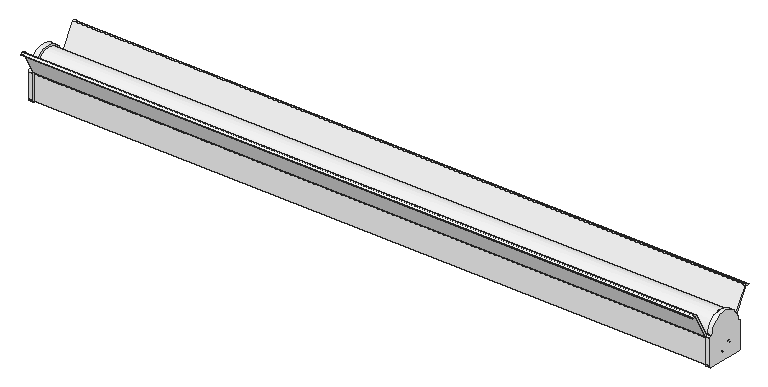
Revit family "0045209+0045233 Feilo Sylvania Lighting Fixture SYLBATTEN LED5-5 NW DALI TP6 E3 with SYMMETRIC REFLECTOR ACCESSORY 1200MM", category Lighting Fixtures, host Face, Revit 2017
Family settings
  Host = Face
  Round Connector Dimension = Use Diameter
  Part Type = Normal
  OmniClass Number = 23.80.70.00
  OmniClass Title = Lighting
  Cut with Voids When Loaded = No
  Light Source = Yes
  Shared = No
  Room Calculation Point = No
Parameters (values of type "0045209 SYLBATTEN LED5.5 NW DALI TP6 E3")
  Width_FEILO = 66 mm
  Weight = "3.1 kg"
  Wattage Comments = "n/a"
  Wattage = 55 W
  WarrantyStartDate [instance] = "n/a"
  WarrantyGuarantorParts = "n/a"
  WarrantyDurationUnit = "n/a"
  WarrantyDurationParts = "n/a"
  WarrantyDescription = "n/a"
  built-in parameter 1150110 = 1 (stored number, unit not read)
  Voltage = 230 V
  URL = "http://www.sylvania-lighting.com"
  TypeName = "SYLBATTEN LED5.5 NW DALI TP6 E3"
  Type Image = <None>
  Type Comments = "n/a"
  built-in parameter 1114217 = 1 (stored number, unit not read)
  Tilt Angle = -90.00°
  built-in parameter 1150109 = 1 (stored number, unit not read)
  built-in parameter 1150134 = 12
  SymReflector_FEILO = yes
  built-in parameter 1150113 = 1 (stored number, unit not read)
  SerialNumber [instance] = "n/a"
  PowerFactor = 0
  PowerConsumption = "55 W"
  Photometric Web File = "0045209+0045233.ies"
  NominalLength = 1205 mm
  NominalHeight = 76 mm
  NominalDepth = 66 mm
  Name = "SYLBATTEN LED5.5 NW DALI TP6 E3"
  ModelReference = Name  # "SYLBATTEN LED5.5 NW DALI TP6 E3"
  ModelNumber = "0045209"
  Model = Name  # "SYLBATTEN LED5.5 NW DALI TP6 E3"
  Material_4_FEILO = Reflector-Sylvania-Sylbatten-White
  Material_3_FEILO = Diffuser-Sylvania-Sylbatten-Glow
  Material_2_FEILO = Body-Sylvania-Sylbatten-White
  Material_1_FEILO = Body-Sylvania-Sylbatten-White
  Material = "sheet steel housing, polycarbonate diffuser"
  ManufacturerName = "Feilo Sylvania"
  Manufacturer = "Feilo Sylvania"
  LuminousEfficacy = "102.3 lm/W"
  built-in parameter 1150105 = 448.01 (stored number, unit not read)
  Lumens = 5629.8 lm
  LuminaireType = ""
  built-in parameter 1150115 = 1 (stored number, unit not read)
  LightOutputRatio = "100"
  built-in parameter 1150137 = (empty or 0)
  built-in parameter 1150139 = (empty or 0)
  Length_FEILO = 1205 mm
  LampsType = Lamp  # "LED"
  LampNominalLuminous = "5630 lm"
  LampMacAdamStep = "n/a"
  LampColourTemperature = "4000 K"
  LampColourRenderingIndex = "80"
  built-in parameter 1150112 = 1 (stored number, unit not read)
  built-in parameter 1150114 = 1 (stored number, unit not read)
  Lamp = "LED"
  Keynote = "16500"
  InstallationDate [instance] = "n/a"
  InputVoltage = "220-240V~"
  InputNominalFrequency = "n/a"
  built-in parameter 1150132 = (empty or 0)
  built-in parameter 1150102 = (empty or 0)
  built-in parameter 1150107 = 4000 (stored number, unit not read)
  built-in parameter 1150138 = (empty or 0)
  IngressProtection = "IP20"
  ImpactProtectionIndex = "IK07"
  built-in parameter 1150106 = 4.4801 (stored number, unit not read)
  IfcExportType = "IfcLightFixtureType"
  IfcExportAs = "IfcLightFixtureType"
  Height_FEILO = 76 mm
  ExpectedLife = 50000
  Emit from Rectangle Width = Length_FEILO - 16 mm  # 1189 mm
  Emit from Rectangle Length = Width_FEILO - 40 mm  # 26 mm
  Emit Shape Visible in Rendering = no
  ElectricShockClassification = "Class I"
  built-in parameter 1150104 = 9.5096 (stored number, unit not read)
  DurationUnit = "hours"
  DocumentationLiterature = "http://www.sylvania-lighting.com/product/en-int/products/0045209"
  DimmingControlOptions = "Dimmable"
  Dimming Lamp Color Temperature Shift = <None>
  Description = "LED batten, T8 replacement, ease of installation through 2 part push-in design of the housing (safety cable included), through wiring capability (TP6 = 6 core), sheet steel, 5630LM, 53W, 106lm/W, 4000K, drive current: 350mA, CRI 80, 138° wide beam angle, DALI dimmable, integral 3 hour maintained emergency, IP20, IK07, 50,000 hrs (L70), (LxWxH) 1205x66x76mm, 5 step MacAdam ellipse, 3kg, white RAL 9016, Class 1, 220-240V, energy class: A++, A+, A."
  Default Elevation = 1219.2 mm
  CreatedOn = "2/22/2018"
  CreatedBy = ""
  Cost = 0
  Color Filter = 16777215
  built-in parameter 1114216 [instance] = (empty or 0)
  ClassificationValue = "EF_70_80"
  ClassificationName = "Uniclass2015"
  CapOffset_FEILO = 2 mm
  BarCode [instance] = "n/a"
  built-in parameter 1114218 = 1 (stored number, unit not read)
  BackReflector_FEILO = and(not(AsymReflector_FEILO), SymReflector_FEILO)  # yes
  built-in parameter 1150133 = 10 (stored number, unit not read)
  FrontReflector_FEILO = or(AsymReflector_FEILO, SymReflector_FEILO)  # yes
  AsymReflector_FEILO = no
  AssetType = "Fixed"
  AssetIdentifier [instance] = "n/a"
  Assembly Code = "D5020200"
  Apparent Load = 55 VA
Reference planes
  plane 1 "Center (Front/Back)": y = 0
  plane 2: z = 0
  plane 3 "Center (Left/Right)": x = 0
  plane 4: x = 602.5
  plane 5: x = -602.5
  plane 6: y = 33
  plane 7: y = -33
  plane 8: z = 76
  plane 9: z = 47
  plane 10: y = -29
  plane 11: y = 29
  plane 12: z = 20
  plane 13: z = 74
  plane 14: y = -31
  plane 15: y = -27
  plane 16: y = 27
  plane 17: y = 31
  plane 18: z = 2
  plane 19: x = -594.5
  plane 20: x = 594.5
  plane 21: z = 49
  plane 22: y = 1
  plane 23: y = -1
  plane 24: z = 21
  plane 25: z = 19
  plane 26: y = -61
  plane 27: y = 61
  plane 28: y = -56
  plane 29: y = 56
  plane 30: z = 91
  plane 31: z = 88
Forms (mm)
  Extrusion 1, solid, material "Body-Sylvania-Sylbatten-White" <- "Material_2_FEILO"
    sketch origin (0, 0, 0) x (0, 1, 0) y (0, 0, 1)
      loop
        line (-31, 2) -> (31, 2) -> (31, 45)
        arc (31, 45) -> (30.414, 46.414) -> (29, 47) r 2
        line (29, 47) -> (27, 47)
        arc (27, 47) -> (0, 74) -> (-27, 47) r 27
        line (-27, 47) -> (-29, 47)
        arc (-29, 47) -> (-30.414, 46.414) -> (-31, 45) r 2
        line (-31, 45) -> (-31, 2)
    from -594.5 to 594.5
  Extrusion 2, solid, material "Body-Sylvania-Sylbatten-White" <- "Material_2_FEILO"
    sketch origin (602.5, 1524, 1219.2) x (0, 1, 0) y (0, 0, 1)
      loop
        arc (-1494, -1219.2) -> (-1491.879, -1218.321) -> (-1491, -1216.2) r 3
        line (-1491, -1216.2) -> (-1491, -1173.2)
        arc (-1491, -1173.2) -> (-1491.879, -1171.079) -> (-1494, -1170.2) r 3
        line (-1494, -1170.2) -> (-1495.069, -1170.2)
        arc (-1495.069, -1170.2) -> (-1524, -1143.2) -> (-1552.931, -1170.2) r 29
        line (-1552.931, -1170.2) -> (-1554, -1170.2)
        arc (-1554, -1170.2) -> (-1556.121, -1171.079) -> (-1557, -1173.2) r 3
        line (-1557, -1173.2) -> (-1557, -1216.2)
        arc (-1557, -1216.2) -> (-1556.121, -1218.321) -> (-1554, -1219.2) r 3
        line (-1554, -1219.2) -> (-1494, -1219.2)
      loop
        arc (-1525, -1189.25) -> (-1531.071, -1192.129) -> (-1533.95, -1198.2) r 10
        line (-1533.95, -1198.2) -> (-1532.944, -1198.2)
        arc (-1532.944, -1198.2) -> (-1530.364, -1192.836) -> (-1525, -1190.256) r 9
        line (-1525, -1190.256) -> (-1525, -1189.25)
      loop
        arc (-1523, -1190.256) -> (-1517.636, -1192.836) -> (-1515.056, -1198.2) r 9
        line (-1515.056, -1198.2) -> (-1514.05, -1198.2)
        arc (-1514.05, -1198.2) -> (-1516.929, -1192.129) -> (-1523, -1189.25) r 10
        line (-1523, -1189.25) -> (-1523, -1190.256)
      loop
        line (-1532.944, -1200.2) -> (-1533.95, -1200.2)
        arc (-1533.95, -1200.2) -> (-1531.071, -1206.271) -> (-1525, -1209.15) r 10
        line (-1525, -1209.15) -> (-1525, -1208.144)
        arc (-1525, -1208.144) -> (-1530.364, -1205.564) -> (-1532.944, -1200.2) r 9
      loop
        arc (-1515.056, -1200.2) -> (-1517.636, -1205.564) -> (-1523, -1208.144) r 9
        line (-1523, -1208.144) -> (-1523, -1209.15)
        arc (-1523, -1209.15) -> (-1516.929, -1206.271) -> (-1514.05, -1200.2) r 10
        line (-1514.05, -1200.2) -> (-1515.056, -1200.2)
    from 0 to -8
  Extrusion 3, solid, material "Body-Sylvania-Sylbatten-White" <- "Material_2_FEILO"
    sketch origin (-602.5, 1524, 1219.2) x (0, 1, 0) y (0, 0, 1)
      loop
        arc (-1495.069, -1170.2) -> (-1524, -1143.2) -> (-1552.931, -1170.2) r 29
        line (-1552.931, -1170.2) -> (-1554, -1170.2)
        arc (-1554, -1170.2) -> (-1556.121, -1171.079) -> (-1557, -1173.2) r 3
        line (-1557, -1173.2) -> (-1557, -1216.2)
        arc (-1557, -1216.2) -> (-1556.121, -1218.321) -> (-1554, -1219.2) r 3
        line (-1554, -1219.2) -> (-1494, -1219.2)
        arc (-1494, -1219.2) -> (-1491.879, -1218.321) -> (-1491, -1216.2) r 3
        line (-1491, -1216.2) -> (-1491, -1173.2)
        arc (-1491, -1173.2) -> (-1491.879, -1171.079) -> (-1494, -1170.2) r 3
        line (-1494, -1170.2) -> (-1495.069, -1170.2)
      loop
        line (-1533.95, -1198.2) -> (-1532.944, -1198.2)
        arc (-1532.944, -1198.2) -> (-1530.364, -1192.836) -> (-1525, -1190.256) r 9
        line (-1525, -1190.256) -> (-1525, -1189.25)
        arc (-1525, -1189.25) -> (-1531.071, -1192.129) -> (-1533.95, -1198.2) r 10
      loop
        line (-1523, -1189.25) -> (-1523, -1190.256)
        arc (-1523, -1190.256) -> (-1517.636, -1192.836) -> (-1515.056, -1198.2) r 9
        line (-1515.056, -1198.2) -> (-1514.05, -1198.2)
        arc (-1514.05, -1198.2) -> (-1516.929, -1192.129) -> (-1523, -1189.25) r 10
      loop
        line (-1514.05, -1200.2) -> (-1515.056, -1200.2)
        arc (-1515.056, -1200.2) -> (-1517.636, -1205.564) -> (-1523, -1208.144) r 9
        line (-1523, -1208.144) -> (-1523, -1209.15)
        arc (-1523, -1209.15) -> (-1516.929, -1206.271) -> (-1514.05, -1200.2) r 10
      loop
        line (-1525, -1209.15) -> (-1525, -1208.144)
        arc (-1525, -1208.144) -> (-1530.364, -1205.564) -> (-1532.944, -1200.2) r 9
        line (-1532.944, -1200.2) -> (-1533.95, -1200.2)
        arc (-1533.95, -1200.2) -> (-1531.071, -1206.271) -> (-1525, -1209.15) r 10
    from 0 to 8
  Extrusion 4, solid, material "Reflector-Sylvania-Sylbatten-White" <- "Material_4_FEILO", visible <- "FrontReflector_FEILO"
    sketch origin (0, 0, 0) x (0, 1, 0) y (0, 0, 1)
      loop
        line (-61.257, 88.429) -> (-60.743, 87.571) -> (-56.621, 90.044)
        arc (-56.621, 90.044) -> (-56.237, 90.099) -> (-55.929, 89.863) r 0.5
        line (-55.929, 89.863) -> (-31.435, 46.753) -> (-30.565, 47.247) -> (-55.312, 90.802)
        arc (-55.312, 90.802) -> (-55.928, 91.275) -> (-56.696, 91.165) r 1
        line (-56.696, 91.165) -> (-61.257, 88.429)
    from -594.5 to 594.5
  Extrusion 5, solid, material "Reflector-Sylvania-Sylbatten-White" <- "Material_4_FEILO", visible <- "BackReflector_FEILO"
    sketch origin (0, 0, 0) x (0, 1, 0) y (0, 0, 1)
      loop
        line (30.565, 47.247) -> (31.435, 46.753) -> (55.932, 89.868)
        arc (55.932, 89.868) -> (56.245, 90.112) -> (56.638, 90.062) r 0.518
        line (56.638, 90.062) -> (61.033, 87.565) -> (61.527, 88.435) -> (56.682, 91.188)
        arc (56.682, 91.188) -> (55.922, 91.282) -> (55.318, 90.812) r 1
        line (55.318, 90.812) -> (30.565, 47.247)
    from -594.5 to 594.5
Lines and regions (mm)
  reference lines
    curve 1: line (0, -61, 88) -> (0, -56, 91)
    curve 2: line (0, -56, 91) -> (0, -31, 47)
    curve 3: line (0, 31, 47) -> (0, 56, 91)
    curve 4: line (0, 56, 91) -> (0, 61.28, 88)
Dimensions and locks
  equal spacing: plane 5, plane 3 "Center (Left/Right)", plane 4
  equal spacing: plane 7, plane 1 "Center (Front/Back)", plane 6
  "Width_FEILO": plane 7 to plane 6
  "Length_FEILO": plane 5 to plane 4
  "Height_FEILO": plane 8 to plane 2
  locked: plane 9 to plane 8 at 29
  equal spacing: plane 10, plane 1 "Center (Front/Back)", plane 11
  locked: plane 7 to plane 10 at 4
  locked: plane 12 to plane 2 at 20
  "CapOffset_FEILO": plane 13 to plane 8
  "CapOffset_FEILO": plane 7 to plane 14
  "CapOffset_FEILO": plane 10 to plane 15
  "CapOffset_FEILO": plane 17 to plane 6
  "CapOffset_FEILO": plane 16 to plane 11
  "CapOffset_FEILO": plane 18 to plane 2
  locked: plane 14 to Extrusion 1 sketch curve at 2
  locked: Extrusion 1 sketch curve to plane 9 at 2  (x2)
  locked: plane 16 to Extrusion 1 sketch curve at 2
  equal spacing: plane 19, plane 3 "Center (Left/Right)", plane 20
  locked: plane 5 to plane 19 at 8
  "CapOffset_FEILO": plane 9 to plane 21
  locked: Extrusion 2 sketch curve to plane 2 at 47
  locked: Extrusion 1 sketch curve to plane 2 at 47
  locked: Extrusion 2 sketch curve to plane 2 at 3  (x2)
  locked: plane 7 to Extrusion 2 sketch curve at 3  (x2)
  locked: Extrusion 2 sketch curve to plane 6 at 3  (x2)
  locked: Extrusion 2 sketch curve to plane 21 at 3  (x2)
  equal spacing: plane 23, plane 1 "Center (Front/Back)", plane 22
  equal spacing: plane 25, plane 12, plane 24
  plane 30 to plane 31 to plane 2 = 3 mm locked, 88 mm locked
  plane 28 to plane 29 = 112 mm
  plane 26 to plane 27 = 122 mm
  aligned and locked: plane 2 to host face
  aligned and locked: level to host face
  aligned and locked: plane 18 to Extrusion 1 sketch curve
  aligned and locked: plane 14 to Extrusion 1 sketch curve
  aligned and locked: Extrusion 1 sketch curve to plane 9  (x2)
  aligned and locked: Extrusion 1 sketch curve to plane 17
  aligned and locked: plane 15 to Extrusion 1 sketch curve
  aligned and locked: plane 16 to Extrusion 1 sketch curve
  aligned and locked: plane 9 to Extrusion 1 sketch curve
  aligned and locked: plane 20 to Extrusion 1
  aligned and locked: level to Extrusion 2 sketch curve
  aligned and locked: Extrusion 2 sketch curve to plane 7
  aligned and locked: plane 21 to Extrusion 2 sketch curve
  aligned and locked: Extrusion 2 sketch curve to plane 21
  aligned and locked: plane 1 "Center (Front/Back)" to Extrusion 2 sketch curve  (x3)
  aligned and locked: Extrusion 2 to Extrusion 1
  aligned and locked: plane 4 to Extrusion 2
  aligned and locked: plane 12 to Extrusion 2 sketch curve  (x2)
  aligned and locked: Extrusion 2 sketch curve to plane 22
  aligned and locked: Extrusion 2 sketch curve to plane 23
  aligned and locked: Extrusion 2 sketch curve to plane 24
  aligned and locked: Extrusion 2 sketch curve to plane 25
  aligned and locked: plane 25 to Extrusion 2 sketch curve
  aligned and locked: plane 22 to Extrusion 2 sketch curve
  aligned and locked: plane 24 to Extrusion 2 sketch curve
  aligned and locked: plane 23 to Extrusion 2 sketch curve  (x2)
  aligned and locked: Extrusion 3 sketch curve to Extrusion 2  (x22)
  aligned and locked: Extrusion 3 to Extrusion 1
  aligned and locked: Extrusion 3 to plane 5
  aligned and locked: plane 19 to Extrusion 3
  aligned and locked: plane 31 to curve 1
  aligned and locked: plane 30 to curve 1
  aligned and locked: plane 14 to curve 2
  aligned and locked: plane 9 to curve 2
  aligned and locked: plane 17 to curve 3
  aligned and locked: plane 30 to curve 3
  aligned and locked: plane 31 to curve 4
  aligned and locked: Extrusion 4 sketch curve to curve 2
  aligned and locked: Extrusion 4 sketch curve to curve 1
  aligned and locked: Extrusion 4 to Extrusion 1
  aligned and locked: Extrusion 1 to Extrusion 4
  aligned and locked: imposter light to plane 1 "Center (Front/Back)"
  aligned and locked: imposter light to plane 3 "Center (Left/Right)"
  aligned and locked: imposter light to plane 13
  aligned and locked: Extrusion 5 sketch curve to curve 4
  aligned and locked: Extrusion 5 sketch curve to curve 3
  aligned and locked: Extrusion 1 to Extrusion 5
  aligned and locked: Extrusion 5 to Extrusion 1
Automatic sketch dimensions
  host sketch curve to host sketch curve = 2438.4 mm  (x2)
  Extrusion 2 sketch curve to Extrusion 2 sketch curve = 0 mm  (x14)
  Extrusion 2 sketch curve to plane 10 = 0.069 mm
  plane 23 to Extrusion 2 sketch curve = 8.95 mm
  Extrusion 2 sketch curve to Extrusion 2 sketch curve = 1.006 mm  (x4)
  Extrusion 2 sketch curve to plane 22 = 7.944 mm
  curve 1 to plane 26 = 0 mm
  curve 2 to plane 28 = 0 mm
  curve 4 to plane 29 = 0 mm
  plane 9 to curve 3 = 0 mm
  plane 26 to Extrusion 4 sketch curve = 0.257 mm
  Extrusion 4 sketch curve to plane 26 = 0.257 mm
  Extrusion 4 sketch curve to plane 30 = 0.165 mm
  plane 28 to Extrusion 4 sketch curve = 0.696 mm
  plane 28 to Extrusion 4 sketch curve = 0.621 mm
  plane 28 to Extrusion 4 sketch curve = 0.364 mm
  plane 28 to Extrusion 4 sketch curve = 0.182 mm
  Extrusion 4 sketch curve to plane 28 = 0.071 mm
  plane 30 to Extrusion 4 sketch curve = 0.198 mm
  Extrusion 4 sketch curve to plane 28 = 0.688 mm
  plane 9 to Extrusion 4 sketch curve = 0.247 mm
  plane 1 "Center (Front/Back)" to Extrusion 4 sketch curve = 31.435 mm
  Extrusion 5 sketch curve to plane 9 = 0.247 mm
  Extrusion 5 sketch curve to plane 1 "Center (Front/Back)" = 30.565 mm
  plane 9 to Extrusion 5 sketch curve = 0.247 mm
  plane 30 to Extrusion 5 sketch curve = 0.188 mm
  plane 29 to Extrusion 5 sketch curve = 0.068 mm
  Extrusion 5 sketch curve to plane 29 = 0.188 mm
  Extrusion 5 sketch curve to plane 29 = 0.382 mm
  Extrusion 5 sketch curve to Extrusion 5 sketch curve = 0.256 mm
  Extrusion 5 sketch curve to plane 30 = 0.188 mm
  Extrusion 5 sketch curve to plane 29 = 0.682 mm
  Extrusion 5 sketch curve to plane 27 = 0.033 mm
  Extrusion 5 sketch curve to plane 27 = 0.527 mm
Connectors
  electrical at (0, 0, 0), driven by "Apparent Load", driven by "PowerFactor", driven by "Voltage"
    settings: index 1, voltage 230 V, apparent load 55 VA, apparent load phase1 0 VA, apparent load phase2 0 VA, apparent load phase3 0 VA, power factor 0, load classification "Lighting", number of poles 1, system type 30, power factor state 1, is connector primary yes, connector utility no, sub classification motor no, connector description ""
